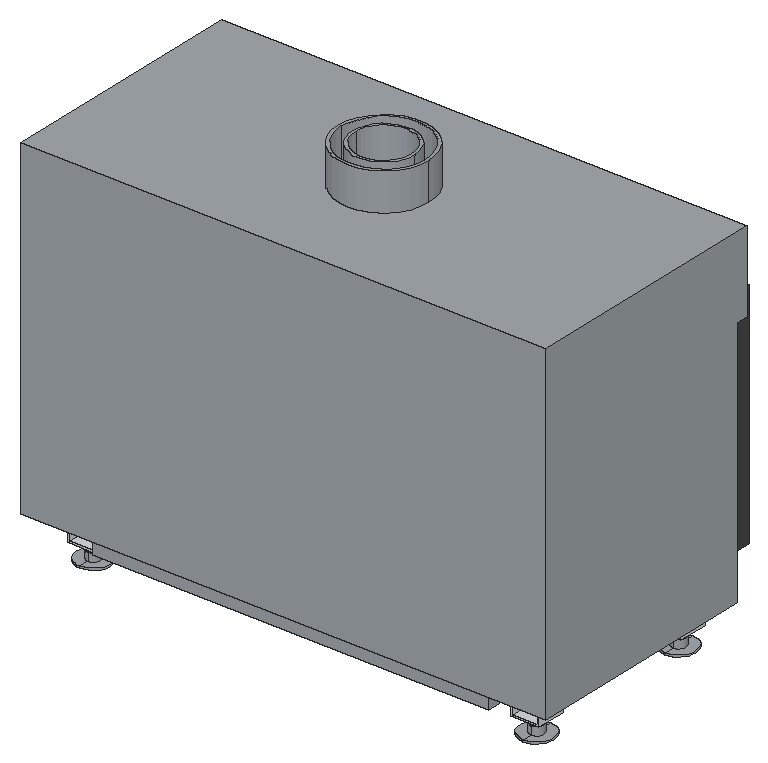
Revit family "1METALFIRE_AVENUE_PLUS_MF_GHE_1S", category Mechanical Equipment, host Wall, Revit 2017
Family settings
  Host = Wall
  Round Connector Dimension = Use Diameter
  Part Type = Normal
  OmniClass Number = 23.75.00.00
  OmniClass Title = Climate Control (HVAC)
  Always vertical = Yes
  Cut with Voids When Loaded = No
  Shared = No
  Room Calculation Point = Yes
Parameters (values of type "800 x 400 mm")
  WIDTH = 800 mm
  WEIGHT = 100.00 kg
  URL = "https://www.metalfire.eu"
  TECHNICAL SHEET = "https://www.metalfire.eu/en/products/gas-fireplaces/avenue-plus"
  SMOKE EXHAUST = "Ø100/150 mm"
  PRODUCT SHEET = "https://www.archiproducts.com/en/products/metalfire/gas-closed-fireplace-avenue-plus-gas-fireplace_456427"
  PRODUCT CODE = "MF 800-40 GHE 1S"
  OVERALL WIDTH = 928 mm
  OVERALL HEIGHT = 770 mm
  OVERALL DEPTH = 444 mm
  OUTPUT = 5.5 kW
  Model = "Avenue Plus"
  Manufacturer = "Metalfire"
  MATERIAL DESCRIPTION = "Iron, galvanized steel and vermiculite plates"
  HEIGHT = 390 mm
  FRAME MATERIAL = Iron - Metalfire
  FINISHING MATERIAL = Black painted vermiculite plates - Metalfire
  ENERGY EFFICIENCY CLASS = "A (G20) / B (G30)"
  EFFICIENCY = 90.00%
  Description = "The Avenue plus represents the latest generation of closed gas-fired fireplaces. Although the output is lower than the Avenue series, the Avenue plus achieves the highest efficiency in the Metalfire range, 90%."
  BIM USER MANUAL = "https://img.edilportale.com/bim/METALFIRE-BIM-USER-MANUAL-Metalfire-bim.pdf"
  BIM BADGE = "https://bim.archiproducts.com/en/badge/bim-archiproducts-featured_658700/about"
  BIM AUTHOR = "https://bim.archiproducts.com"
Types (2, lengths in mm): name | WIDTH | PRODUCT CODE | OVERALL WIDTH | OVERALL HEIGHT | OUTPUT | HEIGHT
  700 x 600 mm | 700 | "MF 700-60 GHE 1S" | 828 | 970 | 5.8 kW | 590
  800 x 400 mm | 800 | "MF 800-40 GHE 1S" | 928 | 770 | 5.5 kW | 390
Reference planes
  plane 1 "Wall": y = 0
  plane 2 "Center (Left/Right)": x = 0
  plane 3 "Back": y = 300
  plane 4: x = 400
  plane 5: x = -400
  plane 6: z = 121
  plane 7: z = 511
Forms (mm)
  Extrusion 1, void
    sketch origin (0, 300, 0) x (1, 0, 0) y (0, 0, 1)
      loop
        line (410, 111) -> (410, 521) -> (-410, 521) -> (-410, 111) -> (410, 111)
    from 0 to 70
  Extrusion 2, solid, material "Iron - Metalfire" <- "FRAME MATERIAL", detail levels fine
    sketch origin (0, 300, 0) x (0, -1, 0) y (0, 0, 1)
      loop
        line (70, 664) -> (70, 521) -> (93, 521) -> (93, 78) -> (514, 78) -> (514, 664) -> (70, 664)
    from 410 to 464
  Extrusion 3, solid, material "Iron - Metalfire" <- "FRAME MATERIAL", detail levels fine
    sketch origin (0, 381.083, 0) x (-1, 0, 0) y (0, -1, 0)
      loop
        circle (0, 373.083) r 75
      loop
        circle (0, 373.083) r 80
    from 664 to 730
  Extrusion 4, solid, material "Iron - Metalfire" <- "FRAME MATERIAL", detail levels fine
    sketch origin (0, 300, 0) x (-1, 0, 0) y (0, 0, 1)
      loop
        line (-349.5, 46) -> (349.5, 46) -> (349.5, 78) -> (-349.5, 78) -> (-349.5, 46)
    from -112 to -497
  Extrusion 5, solid, material "Black painted vermiculite plates - Metalfire" <- "FINISHING MATERIAL", detail levels medium+fine
    sketch origin (1538.26, 300, 0) x (-1, 0, 0) y (0, 0, 1)
      loop
        line (1128.26, 111) -> (1948.26, 111) -> (1948.26, 521) -> (1128.26, 521) -> (1128.26, 111)
      loop
        line (1138.26, 121) -> (1938.26, 121) -> (1938.26, 511) -> (1138.26, 511) -> (1138.26, 121)
    from 0 to -448
  Extrusion 6, solid, material "Iron - Metalfire" <- "FRAME MATERIAL", detail levels fine
    sketch origin (0, 300, 0) x (0, -1, 0) y (0, 0, -1)
      loop
        line (70, -664) -> (514, -664) -> (514, -78) -> (93, -78) -> (93, -521) -> (70, -521) -> (70, -664)
    from 410 to 464
  Extrusion 7, solid, material "Iron - Metalfire" <- "FRAME MATERIAL", detail levels fine
    sketch origin (0, 300, 0) x (0, -1, 0) y (0, 0, -1)
      loop
        line (70, -664) -> (514, -664) -> (514, -78) -> (93, -78) -> (93, -111) -> (448, -111) -> (448, -521) -> (70, -521) -> (70, -664)
    from -410 to 410
  Extrusion 8, solid, material "Clear Glass - Metalfire", detail levels medium+fine
    sketch origin (0, 300, 0) x (-1, 0, 0) y (0, 0, 1)
      loop
        line (-400, 121) -> (400, 121) -> (400, 511) -> (-400, 511) -> (-400, 121)
    from -98 to -93
  Extrusion 9, solid, material "Black painted vermiculite plates - Metalfire" <- "FINISHING MATERIAL", detail levels medium+fine
    sketch origin (0, 300, 0) x (-1, 0, 0) y (0, 0, 1)
      loop
        line (-400, 121) -> (400, 121) -> (400, 511) -> (-400, 511) -> (-400, 121)
    from -448 to -438
  Extrusion 10, solid, material "Iron - Metalfire" <- "FRAME MATERIAL", detail levels fine
    sketch origin (0, 381.083, 0) x (-1, 0, 0) y (0, -1, 0)
      loop
        circle (0, 373.083) r 50
      loop
        circle (0, 373.083) r 55
    from 664 to 730
  Revolve 11, solid, material "Iron - Metalfire" <- "FRAME MATERIAL", detail levels fine
    sketch origin (-391, -544.43, 1200) x (0, -1, 0) y (0, 0, 1)
      loop
        line (-714.93, -1200) -> (-684.93, -1200) -> (-684.93, -1197) -> (-702.93, -1197) -> (-702.93, -1184) -> (-706.93, -1184) -> (-706.93, -1122) -> (-714.93, -1122) -> (-714.93, -1200)
      axis (-714.93, -1122) -> (-714.93, -1200)
    angle from 0 to 360
  Revolve 12, solid, material "Iron - Metalfire" <- "FRAME MATERIAL", detail levels fine
    sketch origin (-391, -230.93, 1200) x (0, -1, 0) y (0, 0, 1)
      loop
        line (-87.93, -1200) -> (-57.93, -1200) -> (-57.93, -1197) -> (-75.93, -1197) -> (-75.93, -1184) -> (-79.93, -1184) -> (-79.93, -1122) -> (-87.93, -1122) -> (-87.93, -1200)
      axis (-87.93, -1122) -> (-87.93, -1200)
    angle from 0 to 360
  Revolve 13, solid, material "Iron - Metalfire" <- "FRAME MATERIAL", detail levels fine
    sketch origin (-391, -544.43, 1200) x (0, -1, 0) y (0, 0, 1)
      loop
        line (-714.93, -1200) -> (-684.93, -1200) -> (-684.93, -1197) -> (-702.93, -1197) -> (-702.93, -1184) -> (-706.93, -1184) -> (-706.93, -1122) -> (-714.93, -1122) -> (-714.93, -1200)
      axis (-714.93, -1122) -> (-714.93, -1200)
    angle from 0 to 360
  Revolve 14, solid, material "Iron - Metalfire" <- "FRAME MATERIAL", detail levels fine
    sketch origin (-391, -230.93, 1200) x (0, -1, 0) y (0, 0, 1)
      loop
        line (-87.93, -1200) -> (-57.93, -1200) -> (-57.93, -1197) -> (-75.93, -1197) -> (-75.93, -1184) -> (-79.93, -1184) -> (-79.93, -1122) -> (-87.93, -1122) -> (-87.93, -1200)
      axis (-87.93, -1122) -> (-87.93, -1200)
    angle from 0 to 360
  Extrusion 15, solid, detail levels fine
    sketch origin (88, -300, 0) x (-1, 0, 0) y (0, 0, 1)
      loop
        line (457, 78) -> (454, 78) -> (454, 29.8) -> (504, 29.8) -> (504, 78) -> (501, 78) -> (501, 32.8) -> (457, 32.8) -> (457, 78)
    from 131 to 183
  Extrusion 16, solid, detail levels fine
    sketch origin (88, 261, 0) x (-1, 0, 0) y (0, 0, -1)
      loop
        line (457, -78) -> (457, -32.8) -> (501, -32.8) -> (501, -78) -> (504, -78) -> (504, -29.8) -> (454, -29.8) -> (454, -78) -> (457, -78)
    from 64.5 to 116.5
  Revolve 17, solid, material "Iron - Metalfire" <- "FRAME MATERIAL", detail levels fine
    sketch origin (391, -544.43, 1200) x (0, -1, 0) y (0, 0, -1)
      loop
        line (-714.93, 1200) -> (-714.93, 1122) -> (-706.93, 1122) -> (-706.93, 1184) -> (-702.93, 1184) -> (-702.93, 1197) -> (-684.93, 1197) -> (-684.93, 1200) -> (-714.93, 1200)
      axis (-714.93, 1122) -> (-714.93, 1200)
    angle from 0 to 360
  Revolve 18, solid, material "Iron - Metalfire" <- "FRAME MATERIAL", detail levels fine
    sketch origin (391, -230.93, 1200) x (0, -1, 0) y (0, 0, -1)
      loop
        line (-87.93, 1200) -> (-87.93, 1122) -> (-79.93, 1122) -> (-79.93, 1184) -> (-75.93, 1184) -> (-75.93, 1197) -> (-57.93, 1197) -> (-57.93, 1200) -> (-87.93, 1200)
      axis (-87.93, 1122) -> (-87.93, 1200)
    angle from 0 to 360
  Revolve 19, solid, material "Iron - Metalfire" <- "FRAME MATERIAL", detail levels fine
    sketch origin (391, -544.43, 1200) x (0, -1, 0) y (0, 0, -1)
      loop
        line (-714.93, 1200) -> (-714.93, 1122) -> (-706.93, 1122) -> (-706.93, 1184) -> (-702.93, 1184) -> (-702.93, 1197) -> (-684.93, 1197) -> (-684.93, 1200) -> (-714.93, 1200)
      axis (-714.93, 1122) -> (-714.93, 1200)
    angle from 0 to 360
  Revolve 20, solid, material "Iron - Metalfire" <- "FRAME MATERIAL", detail levels fine
    sketch origin (391, -230.93, 1200) x (0, -1, 0) y (0, 0, -1)
      loop
        line (-87.93, 1200) -> (-87.93, 1122) -> (-79.93, 1122) -> (-79.93, 1184) -> (-75.93, 1184) -> (-75.93, 1197) -> (-57.93, 1197) -> (-57.93, 1200) -> (-87.93, 1200)
      axis (-87.93, 1122) -> (-87.93, 1200)
    angle from 0 to 360
  Extrusion 21, solid, detail levels fine
    sketch origin (-88, -300, 0) x (1, 0, 0) y (0, 0, -1)
      loop
        line (457, -78) -> (457, -32.8) -> (501, -32.8) -> (501, -78) -> (504, -78) -> (504, -29.8) -> (454, -29.8) -> (454, -78) -> (457, -78)
    from 131 to 183
  Extrusion 22, solid, detail levels fine
    sketch origin (-88, 261, 0) x (1, 0, 0) y (0, 0, 1)
      loop
        line (457, 78) -> (454, 78) -> (454, 29.8) -> (504, 29.8) -> (504, 78) -> (501, 78) -> (501, 32.8) -> (457, 32.8) -> (457, 78)
    from 64.5 to 116.5
  Revolve 23, solid, material "Iron - Metalfire" <- "FRAME MATERIAL", not visible, detail levels fine
    sketch origin (-435, -544.43, 1200) x (0, -1, 0) y (0, 0, 1)
      loop
        line (-714.93, -1200) -> (-684.93, -1200) -> (-684.93, -1197) -> (-702.93, -1197) -> (-702.93, -1184) -> (-706.93, -1184) -> (-706.93, -1122) -> (-714.93, -1122) -> (-714.93, -1200)
      axis (-714.93, -1122) -> (-714.93, -1200)
    angle from 0 to 360
  Revolve 24, solid, material "Iron - Metalfire" <- "FRAME MATERIAL", not visible, detail levels fine
    sketch origin (-435, -230.93, 1200) x (0, -1, 0) y (0, 0, 1)
      loop
        line (-87.93, -1200) -> (-57.93, -1200) -> (-57.93, -1197) -> (-75.93, -1197) -> (-75.93, -1184) -> (-79.93, -1184) -> (-79.93, -1122) -> (-87.93, -1122) -> (-87.93, -1200)
      axis (-87.93, -1122) -> (-87.93, -1200)
    angle from 0 to 360
  Revolve 25, solid, material "Iron - Metalfire" <- "FRAME MATERIAL", not visible, detail levels fine
    sketch origin (-435, -544.43, 1200) x (0, -1, 0) y (0, 0, 1)
      loop
        line (-714.93, -1200) -> (-684.93, -1200) -> (-684.93, -1197) -> (-702.93, -1197) -> (-702.93, -1184) -> (-706.93, -1184) -> (-706.93, -1122) -> (-714.93, -1122) -> (-714.93, -1200)
      axis (-714.93, -1122) -> (-714.93, -1200)
    angle from 0 to 360
  Revolve 26, solid, material "Iron - Metalfire" <- "FRAME MATERIAL", not visible, detail levels fine
    sketch origin (-435, -230.93, 1200) x (0, -1, 0) y (0, 0, 1)
      loop
        line (-87.93, -1200) -> (-57.93, -1200) -> (-57.93, -1197) -> (-75.93, -1197) -> (-75.93, -1184) -> (-79.93, -1184) -> (-79.93, -1122) -> (-87.93, -1122) -> (-87.93, -1200)
      axis (-87.93, -1122) -> (-87.93, -1200)
    angle from 0 to 360
  Extrusion 27, solid, not visible, detail levels fine
    sketch origin (44, -300, 0) x (-1, 0, 0) y (0, 0, 1)
      loop
        line (457, 78) -> (454, 78) -> (454, 29.8) -> (504, 29.8) -> (504, 78) -> (501, 78) -> (501, 32.8) -> (457, 32.8) -> (457, 78)
    from 131 to 183
  Extrusion 28, solid, not visible, detail levels fine
    sketch origin (44, 261, 0) x (-1, 0, 0) y (0, 0, -1)
      loop
        line (457, -78) -> (457, -32.8) -> (501, -32.8) -> (501, -78) -> (504, -78) -> (504, -29.8) -> (454, -29.8) -> (454, -78) -> (457, -78)
    from 64.5 to 116.5
  Revolve 29, solid, material "Iron - Metalfire" <- "FRAME MATERIAL", not visible, detail levels fine
    sketch origin (447, -544.43, 1200) x (0, -1, 0) y (0, 0, -1)
      loop
        line (-714.93, 1200) -> (-714.93, 1122) -> (-706.93, 1122) -> (-706.93, 1184) -> (-702.93, 1184) -> (-702.93, 1197) -> (-684.93, 1197) -> (-684.93, 1200) -> (-714.93, 1200)
      axis (-714.93, 1122) -> (-714.93, 1200)
    angle from 0 to 360
  Revolve 30, solid, material "Iron - Metalfire" <- "FRAME MATERIAL", not visible, detail levels fine
    sketch origin (447, -230.93, 1200) x (0, -1, 0) y (0, 0, -1)
      loop
        line (-87.93, 1200) -> (-87.93, 1122) -> (-79.93, 1122) -> (-79.93, 1184) -> (-75.93, 1184) -> (-75.93, 1197) -> (-57.93, 1197) -> (-57.93, 1200) -> (-87.93, 1200)
      axis (-87.93, 1122) -> (-87.93, 1200)
    angle from 0 to 360
  Revolve 31, solid, material "Iron - Metalfire" <- "FRAME MATERIAL", not visible, detail levels fine
    sketch origin (447, -544.43, 1200) x (0, -1, 0) y (0, 0, -1)
      loop
        line (-714.93, 1200) -> (-714.93, 1122) -> (-706.93, 1122) -> (-706.93, 1184) -> (-702.93, 1184) -> (-702.93, 1197) -> (-684.93, 1197) -> (-684.93, 1200) -> (-714.93, 1200)
      axis (-714.93, 1122) -> (-714.93, 1200)
    angle from 0 to 360
  Revolve 32, solid, material "Iron - Metalfire" <- "FRAME MATERIAL", not visible, detail levels fine
    sketch origin (447, -230.93, 1200) x (0, -1, 0) y (0, 0, -1)
      loop
        line (-87.93, 1200) -> (-87.93, 1122) -> (-79.93, 1122) -> (-79.93, 1184) -> (-75.93, 1184) -> (-75.93, 1197) -> (-57.93, 1197) -> (-57.93, 1200) -> (-87.93, 1200)
      axis (-87.93, 1122) -> (-87.93, 1200)
    angle from 0 to 360
  Extrusion 33, solid, not visible, detail levels fine
    sketch origin (-32, -300, 0) x (1, 0, 0) y (0, 0, -1)
      loop
        line (457, -78) -> (457, -32.8) -> (501, -32.8) -> (501, -78) -> (504, -78) -> (504, -29.8) -> (454, -29.8) -> (454, -78) -> (457, -78)
    from 131 to 183
  Extrusion 34, solid, not visible, detail levels fine
    sketch origin (-32, 261, 0) x (1, 0, 0) y (0, 0, 1)
      loop
        line (457, 78) -> (454, 78) -> (454, 29.8) -> (504, 29.8) -> (504, 78) -> (501, 78) -> (501, 32.8) -> (457, 32.8) -> (457, 78)
    from 64.5 to 116.5
  Extrusion 35, void
    sketch origin (0, 0, 0) x (0, 1, 0) y (0, 0, 1)
      loop
        line (-214, 730) -> (-214, 0) -> (230, 0) -> (230, 730) -> (-214, 730)
    from -464 to 464
Cuts and joins
  joined: Extrusion 2, Extrusion 6, Extrusion 7
Text (mm)
  text "Placement side" at (-1820.995, 1116.779, 0), in view "Ref. Level"
  text "Placement side" at (0, 1334.055, 2976.191), in view "Left"
  text "Placement side" at (0, 439.194, 2944.362), in view "Right"
Dimensions and locks
  locked: plane 3 "Back" to host wall
  equal spacing: plane 5, plane 2 "Center (Left/Right)", plane 4
  "WIDTH": plane 5 to plane 4
  locked: level to plane 6 at 121
  "HEIGHT": plane 6 to plane 7
  locked: plane 7 to Extrusion 3 at 219
  locked: Extrusion 6 sketch curve to plane 7 at 10
  locked: Extrusion 6 sketch curve to plane 7 at 153
  locked: plane 6 to Extrusion 6 sketch curve at 43
  locked: plane 6 to Extrusion 2 sketch curve at 43
  locked: Extrusion 2 sketch curve to plane 7 at 10
  locked: Extrusion 2 sketch curve to plane 7 at 153
  locked: Extrusion 7 sketch curve to plane 7 at 10
  locked: Extrusion 7 sketch curve to plane 7 at 153
  locked: plane 6 to Extrusion 7 sketch curve at 10
  locked: plane 6 to Extrusion 7 sketch curve at 43
  Extrusion 4 to plane 2 "Center (Left/Right)" to Extrusion 4 = 349.5 mm locked, 349.5 mm locked
  locked: Extrusion 22 to plane 4 at 16
  locked: plane 5 to Extrusion 16 at 16
  locked: Extrusion 5 to plane 3 "Back" at 448
  Extrusion 4 to Extrusion 4 to plane 3 "Back" = 385 mm locked, 112 mm locked
  Extrusion 9 to Extrusion 9 to Extrusion 8 to Extrusion 8 to plane 3 "Back" = 10 mm locked, 340 mm locked, 5 mm locked, 93 mm locked
  locked: Extrusion 16 to plane 3 "Back" at 103.5
  locked: Extrusion 22 to plane 3 "Back" at 103.5
  locked: Extrusion 7 sketch curve to plane 3 "Back" at 514
  locked: Extrusion 7 to plane 4 at 10
  locked: plane 5 to Extrusion 7 at 10
  locked: Extrusion 6 to plane 4 at 64
  locked: plane 5 to Extrusion 2 at 64
  locked: Extrusion 3 sketch curve to plane 3 "Back" at 292
  locked: Extrusion 10 sketch curve to plane 3 "Back" at 292
  aligned and locked: plane 1 "Wall" to host wall
  aligned and locked: Extrusion 1 to plane 3 "Back"
  aligned and locked: Extrusion 1 to Extrusion 2  (x2)
  aligned and locked: Extrusion 5 to Extrusion 1
  aligned and locked: Extrusion 1 to Extrusion 5
  aligned and locked: plane 7 to Extrusion 5 sketch curve
  aligned and locked: plane 4 to Extrusion 5 sketch curve
  aligned and locked: Extrusion 5 sketch curve to plane 6
  aligned and locked: Extrusion 5 sketch curve to plane 5
  aligned and locked: plane 7 to Extrusion 8 sketch curve
  aligned and locked: plane 4 to Extrusion 8 sketch curve
  aligned and locked: Extrusion 8 sketch curve to plane 6
  aligned and locked: Extrusion 8 sketch curve to plane 5
  aligned and locked: plane 4 to Extrusion 9
  aligned and locked: Extrusion 9 to plane 5
  aligned and locked: plane 7 to Extrusion 9
  aligned and locked: Extrusion 9 sketch curve to plane 6
  aligned and locked: Extrusion 3 to Extrusion 10  (x2)
  aligned and locked: Extrusion 7 to Extrusion 6
  aligned and locked: Extrusion 7 to Extrusion 2
  aligned and locked: Extrusion 5 to plane 3 "Back"
  aligned and locked: Extrusion 2 sketch curve to Extrusion 6
  aligned and locked: Extrusion 3 to cut or joined group of Extrusion 2, Extrusion 6, Extrusion 7
  aligned and locked: Extrusion 2 sketch curve to cut or joined group of Extrusion 2, Extrusion 6, Extrusion 7
  aligned and locked: Extrusion 6 to Extrusion 2
  aligned and locked: Extrusion 35 sketch curve to Extrusion 3
  aligned and locked: Extrusion 35 sketch curve to cut or joined group of Extrusion 2, Extrusion 6, Extrusion 7  (x2)
  aligned and locked: Extrusion 35 to cut or joined group of Extrusion 2, Extrusion 6, Extrusion 7  (x2)
  aligned and locked: nested 1 to cut or joined group of Extrusion 2, Extrusion 6, Extrusion 7  (x4)
Automatic sketch dimensions
  Extrusion 1 sketch curve to plane 5 = 10 mm
  plane 4 to Extrusion 1 sketch curve = 10 mm
  level to Extrusion 1 sketch curve = 111 mm
  Extrusion 1 sketch curve to Extrusion 1 sketch curve = 410 mm
  Extrusion 3 sketch curve to Extrusion 3 sketch curve = 0 mm  (x2)
  Extrusion 3 sketch curve to plane 2 "Center (Left/Right)" = 0 mm
  level to Extrusion 4 sketch curve = 78 mm
  Extrusion 4 sketch curve to plane 4 = 50.5 mm
  plane 5 to Extrusion 4 sketch curve = 50.5 mm
  Extrusion 4 sketch curve to Extrusion 4 sketch curve = 32 mm
  Extrusion 7 sketch curve to host wall = 70 mm
  Extrusion 7 sketch curve to Extrusion 7 sketch curve = 66 mm
  Extrusion 10 sketch curve to Extrusion 10 sketch curve = 0 mm  (x2)
  Extrusion 10 sketch curve to plane 2 "Center (Left/Right)" = 0 mm
  plane 4 to Extrusion 5 sketch curve = 10 mm
  Extrusion 5 sketch curve to plane 5 = 10 mm
  Extrusion 5 sketch curve to plane 6 = 10 mm
  plane 7 to Extrusion 5 sketch curve = 10 mm
  Extrusion 9 sketch curve to plane 4 = 0 mm
  Extrusion 9 sketch curve to plane 5 = 0 mm
  plane 7 to Extrusion 9 sketch curve = 0 mm
  Extrusion 6 sketch curve to host wall = 70 mm
  Extrusion 6 sketch curve to host wall = 93 mm
  Extrusion 6 sketch curve to host wall = 86 mm
  Revolve 11 sketch curve to Revolve 11 sketch curve = 8 mm
  Revolve 11 sketch curve to Revolve 11 sketch curve = 4 mm
  Revolve 11 sketch curve to Revolve 11 sketch curve = 18 mm
  Revolve 11 sketch curve to Revolve 11 sketch curve = 13 mm
  Revolve 11 sketch curve to Revolve 11 sketch curve = 0 mm
  Revolve 12 sketch curve to Revolve 12 sketch curve = 8 mm
  Revolve 12 sketch curve to Revolve 12 sketch curve = 4 mm
  Revolve 12 sketch curve to Revolve 12 sketch curve = 18 mm
  Revolve 12 sketch curve to Revolve 12 sketch curve = 13 mm
  Revolve 12 sketch curve to Revolve 12 sketch curve = 0 mm
  Revolve 13 sketch curve to Revolve 13 sketch curve = 8 mm
  Revolve 13 sketch curve to Revolve 13 sketch curve = 4 mm
  Revolve 13 sketch curve to Revolve 13 sketch curve = 18 mm
  Revolve 13 sketch curve to Revolve 13 sketch curve = 13 mm
  Revolve 13 sketch curve to Revolve 13 sketch curve = 0 mm
  Revolve 14 sketch curve to Revolve 14 sketch curve = 8 mm
  Revolve 14 sketch curve to Revolve 14 sketch curve = 4 mm
  Revolve 14 sketch curve to Revolve 14 sketch curve = 18 mm
  Revolve 14 sketch curve to Revolve 14 sketch curve = 13 mm
  Revolve 14 sketch curve to Revolve 14 sketch curve = 0 mm
  Extrusion 15 sketch curve to Extrusion 15 sketch curve = 3 mm  (x3)
  Extrusion 16 sketch curve to Extrusion 16 sketch curve = 3 mm  (x3)
  Revolve 17 sketch curve to Revolve 17 sketch curve = 8 mm
  Revolve 17 sketch curve to Revolve 17 sketch curve = 4 mm
  Revolve 17 sketch curve to Revolve 17 sketch curve = 18 mm
  Revolve 17 sketch curve to Revolve 17 sketch curve = 13 mm
  Revolve 17 sketch curve to Revolve 17 sketch curve = 0 mm
  Revolve 17 sketch curve to Revolve 17 sketch curve = 38.099 mm
  Revolve 18 sketch curve to Revolve 18 sketch curve = 8 mm
  Revolve 18 sketch curve to Revolve 18 sketch curve = 4 mm
  Revolve 18 sketch curve to Revolve 18 sketch curve = 18 mm
  Revolve 18 sketch curve to Revolve 18 sketch curve = 13 mm
  Revolve 18 sketch curve to Revolve 18 sketch curve = 0 mm
  Revolve 18 sketch curve to Revolve 18 sketch curve = 38.099 mm
  Revolve 19 sketch curve to Revolve 19 sketch curve = 8 mm
  Revolve 19 sketch curve to Revolve 19 sketch curve = 4 mm
  Revolve 19 sketch curve to Revolve 19 sketch curve = 18 mm
  Revolve 19 sketch curve to Revolve 19 sketch curve = 13 mm
  Revolve 19 sketch curve to Revolve 19 sketch curve = 0 mm
  Revolve 19 sketch curve to Revolve 19 sketch curve = 38.099 mm
  Revolve 20 sketch curve to Revolve 20 sketch curve = 8 mm
  Revolve 20 sketch curve to Revolve 20 sketch curve = 4 mm
  Revolve 20 sketch curve to Revolve 20 sketch curve = 18 mm
  Revolve 20 sketch curve to Revolve 20 sketch curve = 13 mm
  Revolve 20 sketch curve to Revolve 20 sketch curve = 0 mm
  Revolve 20 sketch curve to Revolve 20 sketch curve = 38.099 mm
  Extrusion 21 sketch curve to Extrusion 21 sketch curve = 3 mm  (x3)
  Extrusion 22 sketch curve to Extrusion 22 sketch curve = 3 mm  (x3)
  Revolve 11 sketch curve to Revolve 11 sketch curve = 3 mm
  Revolve 11 sketch curve to Revolve 11 sketch curve = 62 mm
  Revolve 11 sketch curve to Revolve 11 sketch curve = 38.099 mm
  Revolve 11 sketch curve to Revolve 11 sketch curve = 58.901 mm
  Revolve 12 sketch curve to Revolve 12 sketch curve = 3 mm
  Revolve 12 sketch curve to Revolve 12 sketch curve = 62 mm
  Revolve 12 sketch curve to Revolve 12 sketch curve = 38.099 mm
  Revolve 12 sketch curve to Revolve 12 sketch curve = 58.901 mm
  Revolve 13 sketch curve to Revolve 13 sketch curve = 3 mm
  Revolve 13 sketch curve to Revolve 13 sketch curve = 62 mm
  Revolve 13 sketch curve to Revolve 13 sketch curve = 38.099 mm
  Revolve 13 sketch curve to Revolve 13 sketch curve = 58.901 mm
  Revolve 14 sketch curve to Revolve 14 sketch curve = 3 mm
  Revolve 14 sketch curve to Revolve 14 sketch curve = 62 mm
  Revolve 14 sketch curve to Revolve 14 sketch curve = 38.099 mm
  Revolve 14 sketch curve to Revolve 14 sketch curve = 58.901 mm
  Extrusion 15 sketch curve to Extrusion 15 sketch curve = 44 mm
  Extrusion 15 sketch curve to Extrusion 15 sketch curve = 45.2 mm  (x2)
  Extrusion 16 sketch curve to Extrusion 16 sketch curve = 44 mm
  Extrusion 16 sketch curve to Extrusion 16 sketch curve = 0 mm
  Extrusion 16 sketch curve to Extrusion 16 sketch curve = 45.2 mm
  Revolve 17 sketch curve to Revolve 17 sketch curve = 62 mm
  Revolve 17 sketch curve to Revolve 17 sketch curve = 3 mm
  Revolve 17 sketch curve to Revolve 17 sketch curve = 58.901 mm
  Revolve 18 sketch curve to Revolve 18 sketch curve = 62 mm
  Revolve 18 sketch curve to Revolve 18 sketch curve = 3 mm
  Revolve 18 sketch curve to Revolve 18 sketch curve = 58.901 mm
  Revolve 19 sketch curve to Revolve 19 sketch curve = 62 mm
  Revolve 19 sketch curve to Revolve 19 sketch curve = 3 mm
  Revolve 19 sketch curve to Revolve 19 sketch curve = 58.901 mm
  Revolve 20 sketch curve to Revolve 20 sketch curve = 62 mm
  Revolve 20 sketch curve to Revolve 20 sketch curve = 3 mm
  Revolve 20 sketch curve to Revolve 20 sketch curve = 58.901 mm
  Extrusion 21 sketch curve to Extrusion 21 sketch curve = 44 mm
  Extrusion 21 sketch curve to Extrusion 21 sketch curve = 0 mm
  Extrusion 21 sketch curve to Extrusion 21 sketch curve = 45.2 mm
  Extrusion 22 sketch curve to Extrusion 22 sketch curve = 44 mm
  Extrusion 22 sketch curve to Extrusion 22 sketch curve = 45.2 mm  (x2)
  Revolve 23 sketch curve to Revolve 23 sketch curve = 8 mm
  Revolve 23 sketch curve to Revolve 23 sketch curve = 4 mm
  Revolve 23 sketch curve to Revolve 23 sketch curve = 18 mm
  Revolve 23 sketch curve to Revolve 23 sketch curve = 13 mm
  Revolve 23 sketch curve to Revolve 23 sketch curve = 0 mm
  Revolve 24 sketch curve to Revolve 24 sketch curve = 8 mm
  Revolve 24 sketch curve to Revolve 24 sketch curve = 4 mm
  Revolve 24 sketch curve to Revolve 24 sketch curve = 18 mm
  Revolve 24 sketch curve to Revolve 24 sketch curve = 13 mm
  Revolve 24 sketch curve to Revolve 24 sketch curve = 0 mm
  Revolve 25 sketch curve to Revolve 25 sketch curve = 8 mm
  Revolve 25 sketch curve to Revolve 25 sketch curve = 4 mm
  Revolve 25 sketch curve to Revolve 25 sketch curve = 18 mm
  Revolve 25 sketch curve to Revolve 25 sketch curve = 13 mm
  Revolve 25 sketch curve to Revolve 25 sketch curve = 0 mm
  Revolve 26 sketch curve to Revolve 26 sketch curve = 8 mm
  Revolve 26 sketch curve to Revolve 26 sketch curve = 4 mm
  Revolve 26 sketch curve to Revolve 26 sketch curve = 18 mm
  Revolve 26 sketch curve to Revolve 26 sketch curve = 13 mm
  Revolve 26 sketch curve to Revolve 26 sketch curve = 0 mm
  Extrusion 27 sketch curve to Extrusion 27 sketch curve = 3 mm  (x3)
  Extrusion 28 sketch curve to Extrusion 28 sketch curve = 3 mm  (x3)
  Revolve 23 sketch curve to Revolve 23 sketch curve = 3 mm
  Revolve 23 sketch curve to Revolve 23 sketch curve = 62 mm
  Revolve 23 sketch curve to Revolve 23 sketch curve = 38.099 mm
  Revolve 23 sketch curve to Revolve 23 sketch curve = 58.901 mm
  Revolve 24 sketch curve to Revolve 24 sketch curve = 3 mm
  Revolve 24 sketch curve to Revolve 24 sketch curve = 62 mm
  Revolve 24 sketch curve to Revolve 24 sketch curve = 38.099 mm
  Revolve 24 sketch curve to Revolve 24 sketch curve = 58.901 mm
  Revolve 25 sketch curve to Revolve 25 sketch curve = 3 mm
  Revolve 25 sketch curve to Revolve 25 sketch curve = 62 mm
  Revolve 25 sketch curve to Revolve 25 sketch curve = 38.099 mm
  Revolve 25 sketch curve to Revolve 25 sketch curve = 58.901 mm
  Revolve 26 sketch curve to Revolve 26 sketch curve = 3 mm
  Revolve 26 sketch curve to Revolve 26 sketch curve = 62 mm
  Revolve 26 sketch curve to Revolve 26 sketch curve = 38.099 mm
  Revolve 26 sketch curve to Revolve 26 sketch curve = 58.901 mm
  Extrusion 27 sketch curve to Extrusion 27 sketch curve = 44 mm
  Extrusion 27 sketch curve to Extrusion 27 sketch curve = 45.2 mm  (x2)
  Extrusion 28 sketch curve to Extrusion 28 sketch curve = 44 mm
  Extrusion 28 sketch curve to Extrusion 28 sketch curve = 0 mm
  Extrusion 28 sketch curve to Extrusion 28 sketch curve = 45.2 mm
  Revolve 29 sketch curve to Revolve 29 sketch curve = 8 mm
  Revolve 29 sketch curve to Revolve 29 sketch curve = 4 mm
  Revolve 29 sketch curve to Revolve 29 sketch curve = 18 mm
  Revolve 29 sketch curve to Revolve 29 sketch curve = 13 mm
  Revolve 29 sketch curve to Revolve 29 sketch curve = 0 mm
  Revolve 29 sketch curve to Revolve 29 sketch curve = 38.099 mm
  Revolve 30 sketch curve to Revolve 30 sketch curve = 8 mm
  Revolve 30 sketch curve to Revolve 30 sketch curve = 4 mm
  Revolve 30 sketch curve to Revolve 30 sketch curve = 18 mm
  Revolve 30 sketch curve to Revolve 30 sketch curve = 13 mm
  Revolve 30 sketch curve to Revolve 30 sketch curve = 0 mm
  Revolve 30 sketch curve to Revolve 30 sketch curve = 38.099 mm
  Revolve 31 sketch curve to Revolve 31 sketch curve = 8 mm
  Revolve 31 sketch curve to Revolve 31 sketch curve = 4 mm
  Revolve 31 sketch curve to Revolve 31 sketch curve = 18 mm
  Revolve 31 sketch curve to Revolve 31 sketch curve = 13 mm
  Revolve 31 sketch curve to Revolve 31 sketch curve = 0 mm
  Revolve 31 sketch curve to Revolve 31 sketch curve = 38.099 mm
  Revolve 32 sketch curve to Revolve 32 sketch curve = 8 mm
  Revolve 32 sketch curve to Revolve 32 sketch curve = 4 mm
  Revolve 32 sketch curve to Revolve 32 sketch curve = 18 mm
  Revolve 32 sketch curve to Revolve 32 sketch curve = 13 mm
  Revolve 32 sketch curve to Revolve 32 sketch curve = 0 mm
  Revolve 32 sketch curve to Revolve 32 sketch curve = 38.099 mm
  Extrusion 33 sketch curve to Extrusion 33 sketch curve = 3 mm  (x3)
  Extrusion 34 sketch curve to Extrusion 34 sketch curve = 3 mm  (x3)
  Revolve 29 sketch curve to Revolve 29 sketch curve = 62 mm
  Revolve 29 sketch curve to Revolve 29 sketch curve = 3 mm
  Revolve 29 sketch curve to Revolve 29 sketch curve = 58.901 mm
  Revolve 30 sketch curve to Revolve 30 sketch curve = 62 mm
  Revolve 30 sketch curve to Revolve 30 sketch curve = 3 mm
  Revolve 30 sketch curve to Revolve 30 sketch curve = 58.901 mm
  Revolve 31 sketch curve to Revolve 31 sketch curve = 62 mm
  Revolve 31 sketch curve to Revolve 31 sketch curve = 3 mm
  Revolve 31 sketch curve to Revolve 31 sketch curve = 58.901 mm
  Revolve 32 sketch curve to Revolve 32 sketch curve = 62 mm
  Revolve 32 sketch curve to Revolve 32 sketch curve = 3 mm
  Revolve 32 sketch curve to Revolve 32 sketch curve = 58.901 mm
  Extrusion 33 sketch curve to Extrusion 33 sketch curve = 44 mm
  Extrusion 33 sketch curve to Extrusion 33 sketch curve = 0 mm
  Extrusion 33 sketch curve to Extrusion 33 sketch curve = 45.2 mm
  Extrusion 34 sketch curve to Extrusion 34 sketch curve = 44 mm
  Extrusion 34 sketch curve to Extrusion 34 sketch curve = 45.2 mm  (x2)
  Extrusion 7 sketch curve to host wall = 93 mm
  Extrusion 2 sketch curve to host wall = 93 mm
  Extrusion 35 sketch curve to level = 0 mm
  radius of Extrusion 3 sketch curve = 75 mm
  radius of Extrusion 3 sketch curve = 80 mm
  radius of Extrusion 10 sketch curve = 50 mm
  radius of Extrusion 10 sketch curve = 55 mm
Nested families
  nested 1: "FIREPLACE_SYMBOL_detail item" at (0, 8, 0), type "FIREPLACE_SYMBOL_detail item", detail levels coarse
    with WIDTH 928 mm, HEIGHT 444 mm
Connectors
  piping at (0, 8, 730), diameter 100
    settings: on Extrusion 10, index 1, connector inside diameter 609.6 mm, connector length 0 mm, flow factor 0, pipe flow 0.0 L/s, pressure drop 0.0 Pa, fitting loss kfactor 0, connector angle 0.00°, fixture units 0, engagement length 0 mm, angle of deflection 0.00°, flow configuration 0, flow direction 2, fitting loss method 0, system type 22, joint type 0, gender type 0, connector reference index -1, connector utility 0, adjustable connector no, is connector primary yes, connector description ""
Definition of nested family "FIREPLACE_SYMBOL_detail item"
  Parameters (values of type "FIREPLACE_SYMBOL_detail item")
    WIDTH [instance] = 500 mm
    HEIGHT [instance] = 500 mm
  Reference planes
    plane 1 "Center (Front/Back)": y = 0
    plane 2: z = 0
    plane 3 "Center (Left/Right)": x = 0
    plane 4: x = 250
    plane 5: x = -250
    plane 6: y = 250
    plane 7: y = -250
  Lines and regions (mm)
    Filled region 1, type "Concrete", in view "Ref. Level"
      outline origin (-246.617, 90, 0) x (1, 0, 0) y (0, 1, 0)
        loop
          line (-3.383, -340) -> (496.617, -340) -> (496.617, 160) -> (-3.383, -340)
    detail lines, in view "Ref. Level"
      curve 1: line (-250, 250, 0) -> (250, 250, 0)
      curve 2: line (-250, -250, 0) -> (-250, 250, 0)
      curve 3: line (250, -250, 0) -> (-250, -250, 0)
      curve 4: line (250, 250, 0) -> (250, -250, 0)
  Dimensions and locks
    equal spacing: plane 5, plane 3 "Center (Left/Right)", plane 4
    equal spacing: plane 7, plane 1 "Center (Front/Back)", plane 6
    "WIDTH": plane 5 to plane 4
    "HEIGHT": plane 7 to plane 6
    aligned and locked: plane 6 to curve 1
    aligned and locked: plane 5 to curve 2
    aligned and locked: curve 3 to plane 7
    aligned and locked: curve 4 to plane 4
    aligned and locked: plane 6 to Filled region 1 sketch curve
    aligned and locked: plane 5 to Filled region 1 sketch curve
    aligned and locked: Filled region 1 sketch curve to plane 4
    aligned and locked: plane 7 to Filled region 1 sketch curve
